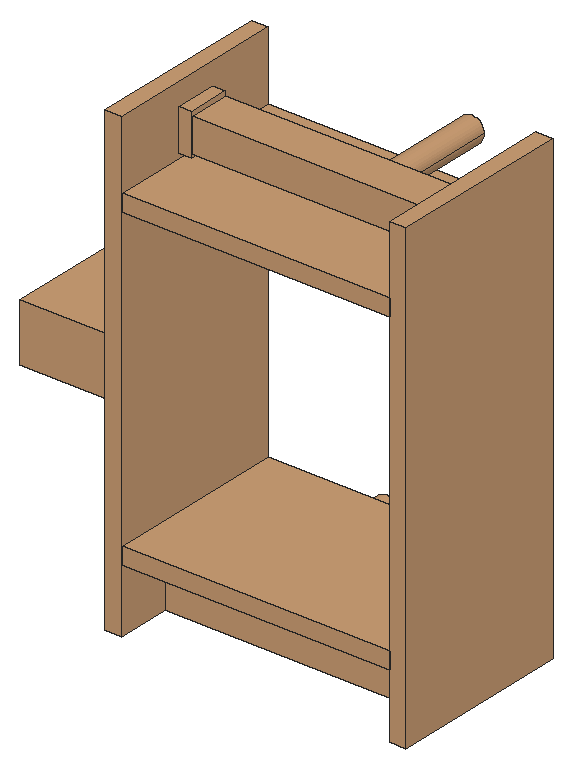
Revit family
Parameters
  Center Of Unit = 0' - 0"  # constant formula
  Water Pressure Drop [instance] = 0.00 psi
  Water Flow [instance] = 0 GPM
  Unit Weight (lbs) = 326
  URL = "http://www.ljwing.com/"
  Water Outlet Radius = 0' - 1 1/2"
  Water Outlet Odd sizes = 0' - 5 23/64"
  Total Heating Capacity [instance] = 0.0 Btu/h
  Temperature Rise [instance] = 0 °F
  Series = "VIFB"
  Outlet Area = 8.08 SF
  Number of Rows = 1  # constant formula
  Number of Coils [instance] = 0
  Nominal Length = 3' - 0 3/16"
  Model = "VB-3"
  Manufacturer = "LJ Wing"
  Leaving Water Temperature [instance] = 0 °F
  Leaving Air Temperature [instance] = 0 °F
  Face Velocity (FPM) [instance] = 0
  Entering Water Temperature [instance] = 0 °F
  Entering Air Temperature [instance] = 0 °F
  Description = "Vertical Integral Face & Bypass Water Heating Coils"
  Hot Water Odd Sizes = 0' - 5 23/64"
  Hot Water Inlet Offset = 0' - 4 3/8"  # constant formula
  Hot Water Inlet  Radius = 0' - 1 1/2"
  Coil Face Area = Outlet Area * 0.56  # 4.5248 SF
  Casing Material = ""
  Assembly Code = "D3020300"
  Air Pressure Drop [instance] = 0.00 in-wg
  Air Inlet Width = Nominal Length - 0' 4"  # 2' - 8 3/16"
  Air Inlet Height = Y  # 3' - 0"
  Air Flow [instance] = 0 CFM
  Z = 0' - 3 3/4"
  Y = 3' - 0"
  S = 0' - 9 3/4"
  Product URL = "http://www.ljwing.com/html/vifb.asp"
  OmniClass = "23-75 70 21 14"
  Nominal Height = 4' - 8"
  Nominal Depth = 1' - 10"
  R = 0' - 10 1/4"
  Q = 0' - 3 3/32"
  P = 0' - 5 1/8"
  L = 0' - 5 15/16"
Reference planes (in)
  plane 1 "Center (Front/Back)": y = 0
  plane 2: z = -18
  plane 3 "Center (Left/Right)": x = 0
  plane 4: z = 28.25
  plane 5: x = -18.09375
  plane 6: x = 18.09375
  plane 7: z = -27.75
  plane 8: z = 0
  plane 9: y = -11
  plane 10: y = 11
  plane 11: z = 18
  plane 12: z = 20
  plane 13: z = -20
  plane 14: x = 16.09375
  plane 15: x = -16.09375
  plane 16: z = 23.125
  plane 17: z = -21.8125
  plane 18: x = -15
  plane 19: x = 15
  plane 20: y = 14.75
  plane 21: y = 15.375
  plane 22: x = -29.09375
  plane 23: x = 5.35938
  plane 24: x = -5.35937
  plane 25: z = 25.125
  plane 26: z = 21.125
  plane 27: y = -2.5
  plane 28: y = 2.5
  plane 29: y = -4.5
Forms (in)
  Extrusion 1, solid, material "Painted Finish"
    sketch origin (0, 6, -9.75) x (1, 0, 0) y (0, 0, 1)
      loop
        line (-18.09375, -18) -> (-16.09375, -18) -> (-16.09375, 38) -> (-18.09375, 38) -> (-18.09375, -18)
      loop
        line (18.09375, -18) -> (18.09375, 38) -> (16.09375, 38) -> (16.09375, -18) -> (18.09375, -18)
    from -5 to 17
  Extrusion 2, solid, material "Painted Finish"
    sketch origin (0, 6, 0) x (1, 0, 0) y (0, 0, 1)
      loop
        line (16.09375, -18) -> (-16.09375, -18) -> (-16.09375, -20) -> (16.09375, -20) -> (16.09375, -18)
      loop
        line (16.09375, 18) -> (16.09375, 20) -> (-16.09375, 20) -> (-16.09375, 18) -> (16.09375, 18)
    from -5 to 17
  Extrusion 3, solid, material "Painted Finish"
    sketch origin (0, 10, -0.5) x (1, 0, 0) y (0, 0, 1)
      loop
        line (-18.09375, 4) -> (-29.09375, 4) -> (-29.09375, -3) -> (-18.09375, -3) -> (-18.09375, 4)
    from 0 to 20
  Extrusion 4, solid, material "Painted Finish"
    sketch origin (0, 6, 0) x (1, 0, 0) y (0, 0, 1)
      loop
        line (-14.46875, 25.125) -> (-14.46875, 21.125) -> (14.46875, 21.125) -> (14.46875, 25.125) -> (-14.46875, 25.125)
    from 3.5 to 8.5
  Extrusion 5, solid, material "Painted Finish"
    sketch origin (0, 0, 0) x (1, 0, 0) y (0, 0, 1)
      loop
        line (-14.46875, 20.625) -> (-14.46875, 25.625) -> (-16.09375, 25.625) -> (-16.09375, 20.625) -> (-14.46875, 20.625)
      loop
        line (16.09375, 20.625) -> (16.09375, 25.625) -> (14.46875, 25.625) -> (14.46875, 20.625) -> (16.09375, 20.625)
    from -2.5 to 2.5
  Extrusion 6, solid, material "Painted Finish"
    sketch origin (0, 23, 0) x (1, 0, 0) y (0, 0, 1)
      loop
        circle (5.35938, 23.125) r 1.5
    from 8.25 to 20.5
  Extrusion 7, solid, material "Painted Finish"
    sketch origin (0, 6, 0) x (1, 0, 0) y (0, 0, 1)
      loop
        line (-16.09375, -20) -> (-16.09375, -27.75) -> (16.09375, -27.75) -> (16.09375, -20) -> (-16.09375, -20)
    from -5 to 10.5
  Extrusion 8, solid, material "Painted Finish"
    sketch origin (0, 23, 0) x (1, 0, 0) y (0, 0, 1)
      loop
        circle (-5.35937, -21.8125) r 1.5
    from 7.625 to 12
  Extrusion 9, void
    sketch origin (0, 0, 0) x (1, 0, 0) y (0, 0, 1)
      loop
        line (-16.09375, 18) -> (-16.09375, -18) -> (16.09375, -18) -> (16.09375, 18) -> (-16.09375, 18)
    from -11 to 11
Cuts and joins
  Extrusion 9 cuts Extrusion 1
  Extrusion 9 cuts Extrusion 2
Dimensions and locks (in)
  "Nominal Length": plane 6 to plane 5
  equal spacing: plane 6, plane 3 "Center (Left/Right)", plane 5
  "S": plane 2 to plane 7
  "Nominal Depth": plane 10 to plane 9
  equal spacing: plane 10, plane 1 "Center (Front/Back)", plane 9
  "Y": plane 11 to plane 2
  "R": plane 4 to plane 11
  locked: plane 12 to plane 11 at 2
  locked: plane 2 to plane 13 at 2
  "P": plane 4 to plane 16
  "L": plane 17 to plane 7
  "Q": plane 18 to plane 5
  "Q": plane 6 to plane 19
  "Z": plane 20 to plane 10
  "Hot Water Inlet Offset": plane 21 to plane 10
  locked: plane 5 to plane 22 at 11
  locked: Extrusion 3 sketch curve to Extrusion 3 sketch curve at 7
  locked: Extrusion 3 to Extrusion 3 at 20
  locked: plane 6 to plane 14 at 2
  locked: plane 15 to plane 5 at 2
  "Water Outlet Odd sizes": plane 23 to plane 3 "Center (Left/Right)"
  "Hot Water Odd Sizes": plane 3 "Center (Left/Right)" to plane 24
  equal spacing: plane 25, plane 16, plane 26
  locked: Extrusion 5 sketch curve to plane 25 at 0.5
  locked: plane 26 to Extrusion 5 sketch curve at 0.5
  locked: Extrusion 6 sketch curve to plane 16 at 0
  locked: Extrusion 6 sketch curve to plane 23 at 0
  locked: Extrusion 8 sketch curve to plane 17 at 0
  locked: Extrusion 8 sketch curve to plane 24 at 0
  locked: plane 25 to plane 26 at 4
  locked: plane 28 to plane 27 at 5
  equal spacing: plane 28, plane 1 "Center (Front/Back)", plane 27
  locked: plane 27 to plane 29 at 2
  plane 4 to plane 7 = 4' - 8"
  locked: Extrusion 5 sketch curve to Extrusion 1 at 1.625
  locked: Extrusion 5 sketch curve to Extrusion 5 sketch curve at 1.625
  locked: Extrusion 9 sketch curve to plane 11 at 0
  locked: Extrusion 9 sketch curve to plane 15 at 0
  locked: Extrusion 9 sketch curve to plane 14 at 0
  locked: Extrusion 9 sketch curve to plane 2 at 0
  equal spacing: plane 11, plane 8, plane 2
  "Water Outlet Radius": radius of Extrusion 6 sketch curve
  "Hot Water Inlet  Radius": radius of Extrusion 8 sketch curve
  aligned and locked: Extrusion 1 to plane 9
  aligned and locked: Extrusion 1 to plane 10
  aligned and locked: plane 15 to Extrusion 1
  aligned and locked: Extrusion 1 to plane 14
  aligned and locked: plane 9 to Extrusion 2
  aligned and locked: plane 9 to Extrusion 1
  aligned and locked: plane 10 to Extrusion 1  (x2)
  aligned and locked: Extrusion 2 to plane 10
  aligned and locked: plane 10 to Extrusion 2  (x2)
  aligned and locked: Extrusion 2 to plane 9  (x2)
  aligned and locked: plane 5 to Extrusion 3
  aligned and locked: Extrusion 5 sketch curve to plane 15
  aligned and locked: Extrusion 5 sketch curve to Extrusion 4
  aligned and locked: Extrusion 6 to plane 20
  aligned and locked: Extrusion 1 to Extrusion 7
  aligned and locked: plane 10 to Extrusion 8
  aligned and locked: Extrusion 8 to plane 21  (x2)
  aligned and locked: plane 27 to Extrusion 5
  aligned and locked: Extrusion 5 to Extrusion 4  (x2)
  aligned and locked: Extrusion 5 to plane 28
  aligned and locked: Extrusion 6 to Extrusion 4
  aligned and locked: Extrusion 7 to plane 29  (x2)
  aligned and locked: Extrusion 8 to Extrusion 7
  aligned and locked: Extrusion 4 to Extrusion 5  (x2)
  aligned and locked: Extrusion 5 to Extrusion 1  (x2)
  aligned and locked: plane 2 to Extrusion 2
  aligned and locked: plane 6 to Extrusion 1 sketch curve
  aligned and locked: plane 14 to Extrusion 1 sketch curve
  aligned and locked: Extrusion 1 sketch curve to plane 15
  aligned and locked: Extrusion 1 sketch curve to plane 5
  aligned and locked: plane 7 to Extrusion 1 sketch curve  (x2)
  aligned and locked: Extrusion 1 sketch curve to plane 4  (x2)
  aligned and locked: Extrusion 2 sketch curve to plane 11
  aligned and locked: Extrusion 2 sketch curve to plane 12
  aligned and locked: Extrusion 2 sketch curve to plane 14  (x2)
  aligned and locked: Extrusion 2 sketch curve to plane 15  (x2)
  aligned and locked: Extrusion 2 sketch curve to plane 13
  aligned and locked: plane 2 to Extrusion 2 sketch curve
  aligned and locked: plane 13 to Extrusion 7 sketch curve
  aligned and locked: Extrusion 7 sketch curve to plane 7
  aligned and locked: Extrusion 7 sketch curve to plane 14
  aligned and locked: plane 15 to Extrusion 7 sketch curve
  aligned and locked: cut or joined group of Extrusion 1, Extrusion 9 to plane 10
Automatic sketch dimensions
  Extrusion 3 sketch curve to plane 22 = 0' - 0"
  Extrusion 3 sketch curve to plane 5 = 0' - 0"
  plane 8 to Extrusion 3 sketch curve = 0' - 3 1/2"
  Extrusion 4 sketch curve to plane 25 = 0' - 0"
  Extrusion 4 sketch curve to plane 26 = 0' - 0"
  plane 18 to Extrusion 4 sketch curve = 0' - 0 17/32"
  Extrusion 4 sketch curve to plane 19 = 0' - 0 17/32"
  plane 26 to Extrusion 5 sketch curve = 0' - 0 1/2"
  Extrusion 5 sketch curve to plane 25 = 0' - 0 1/2"
Connectors (in)
  hvac at (0, -11, 0), driven by "Air Inlet Height", driven by "Air Inlet Width", driven by "Air Flow", driven by "Air Pressure Drop"
    settings: on Extrusion 9, index 1
  hvac at (0, 11, 0), driven by "Air Pressure Drop", driven by "Air Inlet Height", driven by "Air Inlet Width", driven by "Air Flow"
    settings: on Extrusion 9, index 2
  piping at (5.35938, 14.75, 23.125), driven by "Water Flow", driven by "Water Outlet Radius", driven by "Water Pressure Drop"
    settings: on Extrusion 6, index 3
  piping at (-5.35937, 15.375, -21.8125), driven by "Water Flow", driven by "Water Pressure Drop", driven by "Hot Water Inlet  Radius"
    settings: on Extrusion 8, index 4
